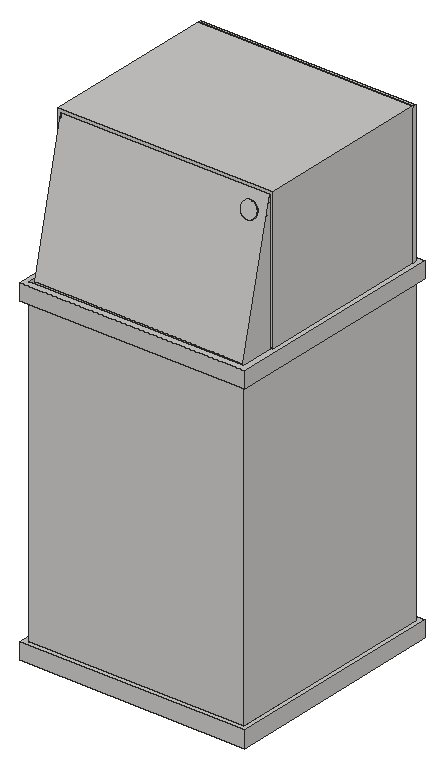
Revit family
Parameters
  offset [instance] = 0' - 0"
  Warranty Duration (Years) = 0
  Unit Width = 1' - 1"
  Unit Height = 2' - 5"
  Unit Depth = 1' - 1"
  URL = "http://www.americanspecialties.com/viewCategories.cfm"
  Trim Material = Metal -Stainless Steel
  Specification = "http://www.arcat.com/sdspecs/htm/10810asi.htm"
  SpecWizard = ""
  Send Message = "http://www.arcat.com/users.pl?action=UserEmail&company=American%20Specialties,%20Inc.&coid=30448&rep=139&fax=914-476-0688&mf="
  Sales Information = "http://www.americanspecialties.com/contact"
  Revision = "R1_10-2010"
  Product Properties = "http://www.americanspecialties.com/datasheets/0810-0811.pdf"
  Product Data = "http://www.arcat.com/arcatcos/cos30/arc30448.html"
  Model = "As Specified in 10 28 13"
  Manufacturer Website = "http://www.americanspecialties.com/viewCategories.cfm"
  Manufacturer Phone - Toll Free = ""
  Manufacturer Phone = "914-476-9000 "
  Manufacturer Fax = "914-476-0688"
  Manufacturer Address = "441 Saw Mill River Rd., Yonkers, NY 10701"
  Manufacturer = "American Specialties, Inc."
  Maintenance Schedule (Months) = 0
  Keynote = "10 28 13"
  Installation-Fabrication = "http://www.americanspecialties.com/products.cfm"
  Installation Phase = ""
  Green Building-LEED = "http://www.arcat.com/green/clients/leed_data_30448.html"
  Expected Lifespan (Years) = 0
  Drawn By = "Robert S. Weygant, CSI, CDT, SCIP"
  Description = "Toilet Accessory as Specified in 10 28 13"
  Default Elevation = 4' - 0"
  Copyright = "©Arcat Inc."
  Construction Details = "http://www.americanspecialties.com/products.cfm"
  Body Material = Metal -Stainless Steel
  Assembly Code = "C1030210"
Reference planes (in)
  plane 1 "Center (Front/Back)": y = 0
  plane 2 "Bottom": z = 0
  plane 3 "Center (Left/Right)": x = 0
Forms (in)
  Extrusion 1, solid, material "Metal -Stainless Steel" <- "Body Material"
    sketch origin (0, -6.80078, 0) x (1, 0, 0) y (0, 1, 0)
      loop
        line (-6.5, 6.5) -> (-6.5, -6.5) -> (6.5, -6.5) -> (6.5, 6.5) -> (-6.5, 6.5)
      loop
        line (-6.3125, 6.3125) -> (-6.3125, -6.3125) -> (6.3125, -6.3125) -> (6.3125, 6.3125) -> (-6.3125, 6.3125)
    from 1 to 19.5
  Extrusion 2, solid, material "Metal -Stainless Steel" <- "Body Material"
    sketch origin (0, -6.80078, 0) x (1, 0, 0) y (0, 1, 0)
      loop
        line (-6.5, 6.5) -> (-6.5, -6.5) -> (6.5, -6.5) -> (6.5, 6.5) -> (-6.5, 6.5)
      loop
        line (-6.80078, 6.80078) -> (-6.80078, -6.80078) -> (6.80078, -6.80078) -> (6.80078, 6.80078) -> (-6.80078, 6.80078)
    from 0 to 1
  Extrusion 3, solid, material "Metal -Stainless Steel" <- "Body Material"
    sketch origin (0, -6.80078, 21) x (1, 0, 0) y (0, 1, 0)
      loop
        line (-6.5, 6.5) -> (-6.5, -6.5) -> (6.5, -6.5) -> (6.5, 6.5) -> (-6.5, 6.5)
      loop
        line (-6.80078, 6.80078) -> (-6.80078, -6.80078) -> (6.80078, -6.80078) -> (6.80078, 6.80078) -> (-6.80078, 6.80078)
    from -1.5 to -0.5
  Extrusion 4, solid, material "Metal -Stainless Steel" <- "Body Material"
    sketch origin (0, -6.80078, 0) x (1, 0, 0) y (0, 1, 0)
      loop
        line (-6.5, 6.5) -> (-6.5, -6.5) -> (6.5, -6.5) -> (6.5, 6.5) -> (-6.5, 6.5)
    from 0 to 1
  Extrusion 5, solid, material "Metal -Stainless Steel" <- "Body Material"
    sketch origin (0, -6.80078, -9.5) x (1, 0, 0) y (0, 0, 1)
      loop
        line (-6.5, 29) -> (-6.3125, 29) -> (-6.3125, 38.3125) -> (6.3125, 38.3125) -> (6.3125, 30) -> (6.5, 30) -> (6.5, 38.5) -> (-6.5, 38.5) -> (-6.5, 29)
    from -6.3125 to 4.3125
  Extrusion 6, solid, material "Metal -Stainless Steel" <- "Body Material"
    sketch origin (0, -6.80078, 0) x (1, 0, 0) y (0, 0, 1)
      loop
        line (-6.5, 29) -> (-6.5, 19.5) -> (6.5, 19.5) -> (6.5, 29) -> (-6.5, 29)
    from -6.5 to -6.3125
  Extrusion 7, solid, material "Metal -Stainless Steel" <- "Body Material"
    sketch origin (0, -12.11328, 0) x (0, 1, 0) y (0, 0, 1)
      loop
        line (1, 19.5) -> (1, 28.8125) -> (-1, 20.5) -> (-1, 19.5) -> (1, 19.5)
    from -6.3125 to 6.3125
  Extrusion 8, solid, material "Metal -Stainless Steel" <- "Trim Material"
    sketch origin (1, -12.4115, 23.41676) x (0, 0.233926, 0.972254) y (-1, 0, 0)
      loop
        circle (4.44083, -4.29534) r 0.5
    from 0 to 0.03125
Dimensions and locks (in)
  Extrusion 1 to Extrusion 1 = 1' - 1"
  "Unit Depth": Extrusion 1 to Extrusion 1
  Extrusion 3 to Extrusion 3 = 1' - 1"
  "Unit Width": Extrusion 3 to Extrusion 3
  locked: Extrusion 2 to Extrusion 2 at 1
  locked: Extrusion 3 to Extrusion 3 at 1
  "Unit Height": Extrusion 5 to Extrusion 2
  locked: Extrusion 5 to Extrusion 3 at 8.5
  locked: Extrusion 6 to Extrusion 7 at 0.1875  (x2)
  locked: Extrusion 6 to Extrusion 6 at 0.1875
  locked: Extrusion 5 to Extrusion 5 at 0.1875  (x2)
  locked: Extrusion 1 sketch curve to Extrusion 3 at 0.1875
  locked: Extrusion 1 to Extrusion 1 at 0.1875
  locked: Extrusion 7 to Extrusion 7 at 2
  Extrusion 8 sketch curve to Extrusion 3 = 0' - 7 15/64"
  aligned and locked: Extrusion 2 sketch curve to Extrusion 1  (x3)
  aligned and locked: Extrusion 1 to Extrusion 2 sketch curve
  aligned and locked: Extrusion 1 to Extrusion 3  (x2)
  aligned and locked: Extrusion 1 to Extrusion 2
  aligned and locked: Extrusion 4 sketch curve to Extrusion 1  (x3)
  aligned and locked: Extrusion 1 to Extrusion 4 sketch curve
  aligned and locked: Extrusion 4 to Extrusion 1  (x2)
  aligned and locked: Extrusion 2 to Extrusion 4
  aligned and locked: Extrusion 3 to Extrusion 1  (x2)
  aligned and locked: Extrusion 1 to Extrusion 4
  aligned and locked: Extrusion 2 to Extrusion 3  (x2)
  aligned and locked: Extrusion 3 to Extrusion 4  (x2)
  aligned and locked: Extrusion 5 to Extrusion 6 sketch curve
  aligned and locked: Extrusion 1 to Extrusion 6 sketch curve
  aligned and locked: Extrusion 6 sketch curve to Extrusion 1
  aligned and locked: Extrusion 5 to Extrusion 1  (x3)
  aligned and locked: Extrusion 7 to Extrusion 1  (x4)
  aligned and locked: Extrusion 3 to Extrusion 5
  aligned and locked: Extrusion 1 to Extrusion 5  (x2)
  aligned and locked: Extrusion 1 to Extrusion 6
  aligned and locked: Extrusion 6 to Extrusion 1
  aligned and locked: Extrusion 3 to Extrusion 7
  aligned and locked: Extrusion 7 to Extrusion 5
Automatic sketch dimensions
  Extrusion 7 to Extrusion 8 sketch curve = 0' - 1.01716"
  Extrusion 7 to Extrusion 8 sketch curve = 0' - 1.10889"
  plane 1 "Center (Front/Back)" to Extrusion 1 sketch curve = 0' - 0 77/256"
  Extrusion 1 sketch curve to plane 3 "Center (Left/Right)" = 0' - 6 1/2"
  Extrusion 1 sketch curve to Extrusion 1 sketch curve = 0' - 0 3/16"  (x3)
  plane 1 "Center (Front/Back)" to Extrusion 1 sketch curve = 0' - 0 125/256"
  plane 3 "Center (Left/Right)" to Extrusion 1 sketch curve = 0' - 6 5/16"
  Extrusion 2 sketch curve to plane 1 "Center (Front/Back)" = 0' - 0"
  Extrusion 2 sketch curve to Extrusion 2 sketch curve = 0' - 0 77/256"  (x3)
  Extrusion 3 sketch curve to plane 1 "Center (Front/Back)" = 0' - 0"
  Extrusion 3 sketch curve to plane 3 "Center (Left/Right)" = 0' - 6 205/256"
  Extrusion 3 sketch curve to Extrusion 3 sketch curve = 0' - 0 77/256"  (x3)
  plane 1 "Center (Front/Back)" to Extrusion 3 sketch curve = 0' - 0 77/256"
  plane 3 "Center (Left/Right)" to Extrusion 3 sketch curve = 0' - 6 1/2"
  Extrusion 3 sketch curve to Extrusion 3 sketch curve = 1' - 1"
  Extrusion 5 sketch curve to plane 3 "Center (Left/Right)" = 0' - 6 1/2"
  Extrusion 5 sketch curve to Extrusion 5 sketch curve = 0' - 0 3/16"  (x3)
  plane 3 "Center (Left/Right)" to Extrusion 5 sketch curve = 0' - 6 5/16"
  level to Extrusion 5 sketch curve = 1' - 7 1/2"
  Extrusion 5 sketch curve to Extrusion 5 sketch curve = 0' - 1"
  Extrusion 5 sketch curve to Extrusion 5 sketch curve = 0' - 9 5/16"
  Extrusion 6 sketch curve to Extrusion 6 sketch curve = 0' - 9 1/2"
  plane 1 "Center (Front/Back)" to Extrusion 7 sketch curve = 1' - 1 29/256"
  Extrusion 7 sketch curve to Extrusion 7 sketch curve = 0' - 2"
  level to Extrusion 7 sketch curve = 1' - 7 1/2"
  Extrusion 7 sketch curve to Extrusion 7 sketch curve = 0' - 1"
  Extrusion 7 sketch curve to Extrusion 7 sketch curve = 0' - 8 5/16"
  radius of Extrusion 8 sketch curve = 0' - 0 1/2"
